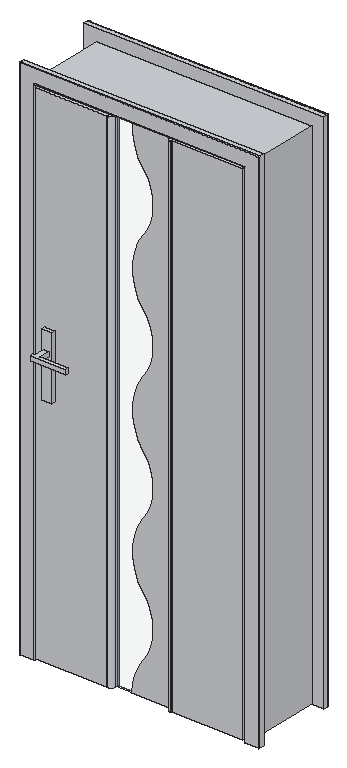
Revit family "PortaFOCUSbp_2_falka", category Drzwi, Revit 2016
Family settings
  Obiekt nadrzędny = Ściana
  Zawsze pionowo = Tak
  Tnij formami wycięć po wczytaniu = Nie
  Współdzielony = Nie
  Punkt obliczania pomieszczeń = Nie
Parameters (values of type "PN 80")
  Zakres szerokości muru [instance] = if(and(Szerokość ściany > 94 mm, Szerokość ściany < 120 mm), "B", (if(and(Szerokość ściany > 119 mm, Szerokość ściany < 140 mm), "C", (if(and(Szerokość ściany > 139 mm, Szerokość ściany < 160 mm), "D", (if(and(Szerokość ściany > 159 mm, Szerokość ściany < 180 mm), "E", (if(and(Szerokość ściany > 179 mm, Szerokość ściany < 200 mm), "F", (if(and(Szerokość ściany > 199 mm, Szerokość ściany < 220 mm), "G", (if(and(Szerokość ściany > 219 mm, Szerokość ściany < 240 mm), "H", (if(and(Szerokość ściany > 239 mm, Szerokość ściany < 260 mm), "I", (if(and(Szerokość ściany > 259 mm, Szerokość ściany < 280 mm), "J", (if(and(Szerokość ściany > 279 mm, Szerokość ściany < 301 mm), "K", "BRAK")))))))))))))))))))  # "K"
  Wysokość brutto = 2060 mm
  Szerokość ściany [instance] = 300 mm
  Szerokość brutto = 880 mm
  Model = "Porta Focus 2 falka"
  Materiał_wzór = none
  Materiał_szyba = Szkło
  Konstrukcja analityczna = "<Brak>"
  Funkcja = Wewnętrzna
  URL = "www.porta.com.pl"
  Ss = 818 mm
  Sb = 846 mm
  Producent = "PORTA KMI POLAND"
  Keynote = ""
  Opis = "Własność Porta KMI Poland, wszelkie prawa zastrzeżone."  # constant formula
  Wysokość = 2016 mm
  Zakończenie ściany = Wg obiektu nadrzędnego
  Szerokość = 800 mm
  Materiał_skrzydło [instance] = none
  Materiał_ościeżnica [instance] = none
  Materiał_klamka [instance] = none
  Hs = 2017 mm
Types (5, lengths in mm): name | Szerokość brutto | Materiał_szyba | Ss | Sb | Szerokość
  PN 70 | 780 | none | 718 | 746 | 700
  PN 60 | 680 | none | 618 | 646 | 600
  PN 80 | 880 | Szkło | 818 | 846 | 800
  PN 90 | 980 | none | 918 | 946 | 900
  PN 100 | 1080 | none | 1018 | 1046 | 1000
Reference planes
  plane 1: y = 0
  plane 2 "Środek (Lewa/Prawa)": x = 0
  plane 3 "Lewy": x = -440
  plane 4 "Prawy": x = 440
  plane 5: z = 2060
  plane 6 "Zewnętrzna": y = 150
  plane 7 "Wewnętrzna": y = -150
  plane 8 "skrzydło": y = -129
Forms (mm)
  Sweep 1, solid, material <- "Materiał_ościeżnica"
    path in 3D
      loop
        line (-440, -150, 0) -> (-440, -150, 2060) -> (440, -150, 2060) -> (440, -150, 0)
    profile origin (-440, -150, 1030) x (0, -1, 0) y (1, 0, 0)
      loop
        line (-24, 39) -> (-72, 39) -> (-72, 17) -> (0, 17) -> (0, -33) -> (16, -33)
        arc (16, -33) -> (18.121, -32.121) -> (19, -30) r 3
        line (19, -30) -> (19, 24)
        arc (19, 24) -> (18.121, 26.121) -> (16, 27) r 3
        line (16, 27) -> (-24, 27) -> (-24, 39)
  Sweep 2, solid, material <- "Materiał_ościeżnica"
    path in 3D
      loop
        line (440, 150, 0) -> (440, 150, 2060) -> (-440, 150, 2060) -> (-440, 150, 0)
    profile origin (-440, 150, 1030) x (1, 0, 0) y (0, 1, 0)
      loop
        line (-33, 0) -> (17, 0) -> (17, -228) -> (39, -228) -> (39, -1)
        arc (39, -1) -> (37.536, 2.536) -> (34, 4) r 5
        line (34, 4) -> (25, 4) -> (25, 16)
        arc (25, 16) -> (24.121, 18.121) -> (22, 19) r 3
        line (22, 19) -> (-30, 19)
        arc (-30, 19) -> (-32.121, 18.121) -> (-33, 16) r 3
        line (-33, 16) -> (-33, 0)
  Sweep 3, solid, not visible
    path in 3D
      loop
        line (-440, -150, 0) -> (-440, -150, 2060)
    profile origin (-440, -150, 1030) x (0, -1, 0) y (1, 0, 0)
      loop
        line (-151, 17) -> (-149, 17) -> (-149, 19) -> (-151, 19) -> (-151, 17)
Cuts and joins
  joined: Sweep 1, Sweep 2
Lines and regions (mm)
  Opening 1
    outline origin (-3050, -150, 0) x (1, 0, 0) y (0, 0, 1)
      loop
        line (2610, 0) -> (3490, 0) -> (3490, 2060) -> (2610, 2060) -> (2610, 0)
  sketch lines
    curve 1: line (-440, -150, 0) -> (-440, -150, 2060)
    curve 2: line (-440, -150, 2060) -> (440, -150, 2060)
    curve 3: line (440, -150, 2060) -> (440, -150, 0)
    curve 4: line (-440, 150, 2060) -> (-440, 150, 0)
    curve 5: line (440, 150, 2060) -> (-440, 150, 2060)
    curve 6: line (440, 150, 0) -> (440, 150, 2060)
    curve 12: line (-440, -150, 0) -> (-440, -150, 2060)
  symbolic lines, style "DoorsPanelProjection"
    curve 7: line (409, -150, 0) -> (409, -968, 0)
    curve 8: line (409, -968, 0) -> (369, -968, 0)
    curve 9: line (369, -968, 0) -> (369, -150, 0)
    curve 10: line (369, -150, 0) -> (409, -150, 0)
  symbolic lines, style "Ugięcie rzutu"
    curve 11: arc (-409, -150, 0) -> (-169.413, -728.413, 0) -> (409, -968, 0) r 818
Text (mm)
  text "Zewnętrzna" at (-2295.016, 1099.543, 0), in view "Poziom odniesienia"
  text "Zewnętrzna" at (0, 1615.38, 3698.081), in view "Lewy"
  text "Zewnętrzna" at (0, 1036.032, 3874.932), in view "Prawy"
Dimensions and locks
  equal spacing: plane 3 "Lewy", plane 2 "Środek (Lewa/Prawa)", plane 4 "Prawy"
  "Szerokość brutto": plane 3 "Lewy" to plane 4 "Prawy"
  "Wysokość brutto": plane 5 to host wall
  host wall to plane 5 = 2060 mm  (x2)
  locked: plane 6 "Zewnętrzna" to host wall at 0
  locked: plane 7 "Wewnętrzna" to host wall
  "Sb": Sweep 1 to Sweep 1
  locked: Sweep 1 sketch curve to Sweep 1 sketch curve at 22
  Sweep 1 sketch curve to Sweep 1 sketch curve = 50 mm
  locked: Sweep 1 sketch curve to profile plane at 72
  locked: Sweep 2 sketch curve to Sweep 2 sketch curve at 50
  locked: Sweep 2 sketch curve to Sweep 2 sketch curve at 22
  locked: Sweep 2 sketch curve to plane 6 "Zewnętrzna" at 1
  locked: curve 9 to curve 7 at 40
  "Ss": curve 8 to curve 10
  equal spacing: curve 11, plane 2 "Środek (Lewa/Prawa)", curve 7
  locked: plane 7 "Wewnętrzna" to plane 8 "skrzydło" at 21
  locked: host wall to Sweep 3 sketch curve at 1
  locked: Sweep 3 sketch curve to host wall at 1
  locked: Sweep 3 sketch curve to plane 6 "Zewnętrzna" at 151
  locked: plane 7 "Wewnętrzna" to Sweep 3 sketch curve at 151
  nested 1 to plane 2 "Środek (Lewa/Prawa)" to nested 1 = 409 mm, 409 mm
  locked: nested 1 to level at 8
  "Szerokość ściany": host wall to host wall
  aligned and locked: plane 3 "Lewy" to Opening 1 sketch curve
  aligned and locked: plane 5 to Opening 1 sketch curve  (x2)
  aligned and locked: Opening 1 sketch curve to plane 4 "Prawy"
  aligned and locked: Opening 1 sketch curve to level
  aligned and locked: plane 1 to host wall
  aligned and locked: Sweep 1 to Sweep 2 sketch curve
  aligned and locked: plane 7 "Wewnętrzna" to curve 10
  aligned and locked: Sweep 3 sketch curve to cut or joined group of Sweep 1, Sweep 2
  aligned and locked: Sweep 2 sketch curve to cut or joined group of Sweep 1, Sweep 2
  aligned and locked: nested 1 to plane 8 "skrzydło"
  aligned and locked: plane 2 "Środek (Lewa/Prawa)" to nested 1
Automatic sketch dimensions
  profile plane to Sweep 1 sketch curve = 24 mm
  Sweep 1 sketch curve to profile plane = 16 mm  (x2)
  Sweep 1 sketch curve to Sweep 1 sketch curve = 3 mm
  profile plane to Sweep 1 sketch curve = 17 mm
  Sweep 1 sketch curve to Sweep 1 sketch curve = 7 mm
  Sweep 1 sketch curve to profile plane = 0 mm
  Sweep 2 sketch curve to profile plane = 0 mm
  Sweep 2 sketch curve to profile plane = 16 mm
  Sweep 2 sketch curve to Sweep 2 sketch curve = 3 mm
  Sweep 2 sketch curve to Sweep 2 sketch curve = 5 mm
  Sweep 2 sketch curve to profile plane = 4 mm
  Sweep 2 sketch curve to Sweep 2 sketch curve = 8 mm
  curve 11 to host wall = 0 mm
  Sweep 3 sketch curve to Sweep 3 sketch curve = 2 mm
Nested families
  nested 1: "skrzydło" at (0, -135.5, 0), type "skrzydło"
Definition of nested family "skrzydło"
  Parameters
    Ss = 818 mm
    Materiał_skrzydło = none
    Materiał_klamka = none
    Materiał wzór = none
    Materiał szyba = none
    Hs = 2017 mm
  Reference planes
    plane 1 "Tył": y = 6.5
    plane 2: z = 0
    plane 3 "Środek (Lewa/Prawa)": x = 0
    plane 4 "Przód": y = -33.5
    plane 5: z = 2025
    plane 6 "Centrum": y = -13.5
    plane 7: z = 8
    plane 8: x = -409
    plane 9: x = 409
    plane 10: x = -105
    plane 11: x = 105
  Forms (mm)
    Extrusion 1, solid, material <- "Materiał_skrzydło"
      sketch origin (-1191.728, -1524, 8) x (-1, 0, 0) y (0, -1, 0)
        loop
          arc (-1063.297, -1490.5) -> (-1063.663, -1489.616) -> (-1064.547, -1489.25) r 1.25
          line (-1064.547, -1489.25) -> (-1066.918, -1489.25)
          arc (-1066.918, -1489.25) -> (-1080.051, -1494.167) -> (-1086.728, -1506.5) r 20
          line (-1086.728, -1506.5) -> (-1086.728, -1514.5)
          arc (-1086.728, -1514.5) -> (-1080.051, -1526.833) -> (-1066.918, -1531.75) r 20
          line (-1066.918, -1531.75) -> (-1064.547, -1531.75)
          arc (-1064.547, -1531.75) -> (-1063.663, -1531.384) -> (-1063.297, -1530.5) r 1.25
          line (-1063.297, -1530.5) -> (-782.728, -1530.5) -> (-782.728, -1490.5) -> (-1063.297, -1490.5)
        loop
          line (-1600.728, -1530.5) -> (-1320.158, -1530.5)
          arc (-1320.158, -1530.5) -> (-1319.792, -1531.384) -> (-1318.908, -1531.75) r 1.25
          line (-1318.908, -1531.75) -> (-1316.538, -1531.75)
          arc (-1316.538, -1531.75) -> (-1303.404, -1526.833) -> (-1296.728, -1514.5) r 20
          line (-1296.728, -1514.5) -> (-1296.728, -1506.5)
          arc (-1296.728, -1506.5) -> (-1303.404, -1494.167) -> (-1316.538, -1489.25) r 20
          line (-1316.538, -1489.25) -> (-1318.908, -1489.25)
          arc (-1318.908, -1489.25) -> (-1319.792, -1489.616) -> (-1320.158, -1490.5) r 1.25
          line (-1320.158, -1490.5) -> (-1600.728, -1490.5) -> (-1600.728, -1530.5)
      from 0 to 2017
    Extrusion 2, solid, material <- "Materiał wzór"
      sketch origin (-892.016, -13.5, 1200) x (-1, 0, 0) y (0, 0, 1)
        loop
          arc (-893.605, 438.786) -> (-923.278, 495.667) -> (-933.516, 559) r 201
          arc (-933.516, 559) -> (-923.278, 622.333) -> (-893.605, 679.214) r 201
          arc (-893.605, 679.214) -> (-859.188, 748.268) -> (-851.107, 825) r 217.006
          line (-851.107, 825) -> (-997.016, 825) -> (-997.016, -1192) -> (-850.519, -1192)
          arc (-850.519, -1192) -> (-861.413, -1123.099) -> (-893.605, -1061.214) r 217.006
          arc (-893.605, -1061.214) -> (-923.278, -1004.333) -> (-933.516, -941) r 201
          arc (-933.516, -941) -> (-923.278, -877.667) -> (-893.605, -820.786) r 201
          arc (-893.605, -820.786) -> (-850.516, -691) -> (-893.605, -561.214) r 217.006
          arc (-893.605, -561.214) -> (-923.278, -504.333) -> (-933.516, -441) r 201
          arc (-933.516, -441) -> (-923.278, -377.667) -> (-893.605, -320.786) r 201
          arc (-893.605, -320.786) -> (-850.516, -191) -> (-893.605, -61.214) r 217.006
          arc (-893.605, -61.214) -> (-923.278, -4.333) -> (-933.516, 59) r 201
          arc (-933.516, 59) -> (-923.278, 122.333) -> (-893.605, 179.214) r 201
          arc (-893.605, 179.214) -> (-850.516, 309) -> (-893.605, 438.786) r 217.006
      from -4 to 4
    Extrusion 3, solid, material <- "Materiał szyba"
      sketch origin (-892.016, -13.5, 1200) x (-1, 0, 0) y (0, 0, 1)
        loop
          line (-787.016, 825) -> (-997.016, 825) -> (-997.016, -1192) -> (-787.016, -1192) -> (-787.016, 825)
      from -4 to 4
  Dimensions and locks
    locked: plane 7 to level at 8
    "Hs": plane 5 to plane 7
    locked: nested 1 to plane 7 at 934
    locked: plane 7 to nested 2 at 934
    equal spacing: plane 4 "Przód", plane 6 "Centrum", plane 1 "Tył"
    equal spacing: plane 8, plane 3 "Środek (Lewa/Prawa)", plane 9
    "Ss": plane 8 to plane 9
    locked: plane 8 to nested 1 at 55
    locked: plane 8 to nested 2 at 55
    equal spacing: plane 10, plane 3 "Środek (Lewa/Prawa)", plane 11
    locked: plane 10 to plane 11 at 210
    aligned and locked: nested 1 to plane 4 "Przód"
    aligned and locked: plane 5 to Extrusion 1
    aligned and locked: nested 2 to nested 1
    aligned and locked: Extrusion 1 sketch curve to plane 8
    aligned and locked: Extrusion 1 sketch curve to plane 9
    aligned and locked: plane 10 to Extrusion 1 sketch curve
    aligned and locked: Extrusion 1 sketch curve to plane 1 "Tył"
    aligned and locked: Extrusion 1 sketch curve to plane 4 "Przód"
    aligned and locked: Extrusion 1 sketch curve to plane 11
    aligned and locked: plane 10 to Extrusion 3 sketch curve
    aligned and locked: Extrusion 3 sketch curve to plane 11
    aligned and locked: plane 5 to Extrusion 3 sketch curve
    aligned and locked: plane 7 to Extrusion 3 sketch curve
    aligned and locked: plane 5 to Extrusion 2 sketch curve
    aligned and locked: plane 7 to Extrusion 2 sketch curve
    aligned and locked: Extrusion 2 sketch curve to plane 11
  Automatic sketch dimensions
    Extrusion 1 sketch curve to plane 11 = 23.431 mm
    Extrusion 1 sketch curve to plane 1 "Tył" = 1.25 mm  (x2)
    Extrusion 1 sketch curve to Extrusion 1 sketch curve = 1.25 mm
    Extrusion 1 sketch curve to Extrusion 1 sketch curve = 2.371 mm  (x4)
    Extrusion 1 sketch curve to plane 6 "Centrum" = 1.25 mm
    Extrusion 1 sketch curve to plane 10 = 19.81 mm  (x2)
    Extrusion 1 sketch curve to plane 4 "Przód" = 1.25 mm
    plane 6 "Centrum" to Extrusion 1 sketch curve = 4 mm  (x2)
    Extrusion 1 sketch curve to Extrusion 1 sketch curve = 2.5 mm
    plane 1 "Tył" to Extrusion 1 sketch curve = 0 mm
    Extrusion 1 sketch curve to plane 4 "Przód" = 0 mm
    Extrusion 1 sketch curve to Extrusion 1 sketch curve = 3.621 mm
    Extrusion 2 sketch curve to Extrusion 2 sketch curve = 0 mm  (x12)
    Extrusion 2 sketch curve to plane 11 = 70.506 mm  (x5)
    Extrusion 2 sketch curve to plane 5 = 16 mm
    level to Extrusion 2 sketch curve = 9 mm
    plane 3 "Środek (Lewa/Prawa)" to Extrusion 2 sketch curve = 41.5 mm  (x4)
    plane 3 "Środek (Lewa/Prawa)" to Extrusion 2 sketch curve = 1.589 mm  (x8)
  Nested families
    nested 1: "KLAMKA" at (-354, -33.5, 1067), Materiał klamki <- "Materiał_klamka", type "KLAMKA"
      with Materiał klamki none
    nested 2: "KLAMKA" at (-354, 6.5, 1067), Materiał klamki <- "Materiał_klamka", type "KLAMKA"
      with Materiał klamki none
  Definition of nested family "KLAMKA"
    Parameters
      Materiał klamki [instance] = none
      Assembly Code = ""
      Default Elevation = 1219.2 mm
    Reference planes
      plane 1 "Center (Front/Back)": y = 0
      plane 2: z = 0
      plane 3 "Center (Left/Right)": x = 0
      plane 4: z = 125
      plane 5: z = -125
      plane 6: x = 20
      plane 7: x = -20
      plane 8: y = -70
      plane 9: y = -60
      plane 10: x = 10
      plane 11: x = -10
      plane 12: x = 120
      plane 13: z = 35
      plane 14: z = 55
      plane 15: y = -15
    Forms (mm)
      Extrusion 1, solid, material <- "Materiał klamki"
        sketch origin (0, 0, 0) x (1, 0, 0) y (0, 0, 1)
          loop
            line (-20, 125) -> (-20, -125) -> (20, -125) -> (20, 125) -> (-20, 125)
        from 0 to 15
      Extrusion 2, solid, material <- "Materiał klamki"
        sketch origin (0, 0, 0) x (1, 0, 0) y (0, 1, 0)
          loop
            line (-10, -15) -> (-10, -60) -> (-20, -60) -> (-20, -70) -> (120, -70) -> (120, -60) -> (10, -60) -> (10, -15) -> (-10, -15)
        from 35 to 55
    Dimensions and locks
      equal spacing: plane 4, plane 2, plane 5
      plane 4 to plane 5 = 250 mm
      equal spacing: plane 7, plane 3 "Center (Left/Right)", plane 6
      plane 7 to plane 6 = 40 mm
      plane 8 to plane 1 "Center (Front/Back)" = 70 mm
      plane 11 to plane 3 "Center (Left/Right)" to plane 10 = 10 mm locked, 10 mm locked
      plane 7 to plane 12 = 140 mm
      plane 15 to plane 1 "Center (Front/Back)" = 15 mm
      aligned and locked: plane 7 to Extrusion 1 sketch curve
      aligned and locked: Extrusion 1 sketch curve to plane 4
      aligned and locked: plane 5 to Extrusion 1 sketch curve
      aligned and locked: Extrusion 1 sketch curve to plane 6
      aligned and locked: plane 15 to Extrusion 1
      aligned and locked: Extrusion 1 to plane 1 "Center (Front/Back)"
      aligned and locked: plane 14 to Extrusion 2
      aligned and locked: Extrusion 2 to plane 13
    Automatic sketch dimensions
      Extrusion 2 sketch curve to plane 7 = 0 mm
      Extrusion 2 sketch curve to plane 9 = 0 mm  (x2)
      Extrusion 2 sketch curve to plane 11 = 0 mm
      Extrusion 2 sketch curve to plane 10 = 0 mm
      Extrusion 2 sketch curve to plane 12 = 0 mm
      Extrusion 2 sketch curve to plane 8 = 0 mm
      Extrusion 2 sketch curve to plane 15 = 0 mm
